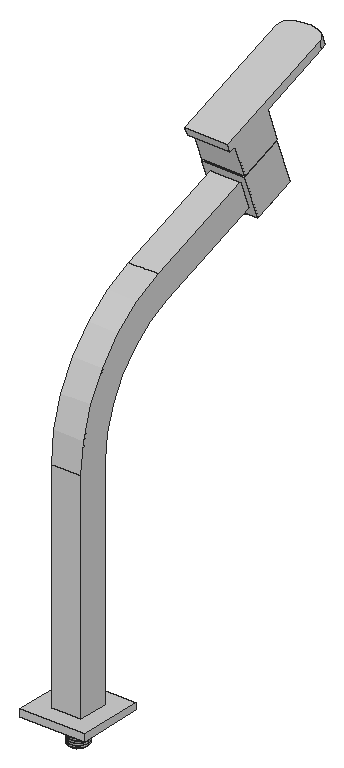
Revit family "SG0086983061CW", category Aparatos sanitarios, Revit 2019
Family settings
  Cota de conector redondo = Diámetro de uso
  Tipo de pieza = Normal
  Número OmniClass = 23.45.00.00
  Título OmniClass = Sanitary, Laundry, and Cleaning Equipment
  Se basa en plano de trabajo = No
  Siempre vertical = Sí
  Corte con vacíos al cargar = No
  Compartido = No
  Punto de cálculo de habitación = No
Parameters (values of type "LIVORNO LLAVE ALTA PARA LAVAMANOS MANILLA TOP")
  Ø sanitario = 15 mm
  _EDESA_Revisado = "Calidad.Planos@edesa.com.ec"
  _EDESA_ Tolerancia dimensional = ""
  _EDESA_ Tipo de instalación = "Sobre mueble o mesón"
  _EDESA_ Tipo = "simple"
  _EDESA_ Sku/código = "SG0086983061CW"
  _EDESA_ Profundidad en cm = "242"
  _EDESA_ Productos necesarios para instalación = "Desagüe 1 1/4\", Sifón 1 1/4\", Llave Angular y Manguera Flexible"
  _EDESA_ Productos incluídos = ""
  _EDESA_ Presión del agua recomendada = "60 psi"
  _EDESA_ Peso en kg = 0.00 kg
  _EDESA_ Nombre = "LIVORNO LLAVE ALTA PARA LAVAMANOS MANILLA TOP"
  _EDESA_ Materiales = "Latón"
  _EDESA_ Marca = "BRIGGS"
  _EDESA_ Manual de Instalación = "https://www.briggs.com.ec/productos/instructivos/Briggs/Griferia/Llave_agua_fria_lavamanos_generico.pdf"
  _EDESA_ Garantía = "De por vida para el cuerpo principal y acabado en cromo (306)"
  _EDESA_ Ficha Técnica = "https://www.briggs.com.ec/productos/fichastecnicaspdf/Briggs/Griferia/Livorno_llave_alta_lavamanos_top.pdf"
  _EDESA_ Descripción = "Llave de lavamanos para agua fría. Instalación sobre mueble o mesón."
  _EDESA_ Cumple normativa ADA = "Cumple con norma NTE - INEN 3123 basada en la norma ASME 112.18.1 - 2012."
  _EDESA_ Contacto comercial = "(02) 395 2900"
  _EDESA_ Consumo/capacidad de agua en L = ""
  _EDESA_ Consumo de agua = "8.3 litros por minuto / 2.2 gpm a 60 psi"
  _EDESA_ Conexión hidráulica = "Entrada de agua: tubería ø 1/2\""
  _EDESA_ Color = "cromo"
  _EDESA_ Certificación = "Cumple con norma NTE - INEN 3123 basada en la norma ASME 112.18.1 - 2012. Nuestras mangueras cuentan certificación cUPC."
  _EDESA_ Categoría = "Productos > Grifería > Lavamanos"
  _EDESA_ BIM Manager = "Ing. Evelyn Gavilanez"
  _EDESA_ Autor BIM = "http://www1.veraquintana.net/_sitevq/"
  _EDESA_ Ancho en cm = 480 mm
  _EDESA_ Alto en cm = 365 mm
  Uniformat II Description = ""
  Omniclass Code = ""
  Cromo = Cromo
Reference planes
  plane 1 "Centro (Frontal/Posterior)": y = 0
  plane 2: z = 0
  plane 3 "Centro (Izquierda/Derecha)": x = 0
  plane 4 "x": y = 0
  plane 5 "y": x = 0
  plane 6: through (4267.2, 119.717, 333) normal (0, -0.342, 0.9397)
  plane 7: through (4267.2, 121.769, 327.362) normal (0, -0.342, 0.9397)
Forms (mm)
  Extrusion 1, solid, material "Cromo" <- "Cromo"
    sketch origin (0, 0, 0) x (1, 0, 0) y (0, 1, 0)
      loop
        line (-24, 24) -> (-24, -24) -> (24, -24) -> (24, 24) -> (-24, 24)
    from 0 to 5.021
  Sweep 2, solid, material "Cromo" <- "Cromo"
    path origin (0, 0, 0) x (0, 1, 0) y (0, 0, 1)
      loop
        line (-0.013, 5.021) -> (-0.013, 167.249)
        arc (-0.013, 167.249) -> (17.891, 224.033) -> (65.127, 260.279) r 99
        line (65.127, 260.279) -> (141.402, 288.041)
    profile origin (0, -0.013, 86.135) x (0, -1, 0) y (1, 0, 0)
      loop
        line (-11.013, -11) -> (11, -11) -> (11, 11) -> (-11.013, 11) -> (-11.013, -11)
  Extrusion 3, solid, material "Cromo" <- "Cromo"
    sketch origin (0, 141.402, 288.041) x (1, 0, 0) y (0, 0.34202, -0.939693)
      loop
        line (-16, 17.013) -> (-16, -16.987) -> (16, -16.987) -> (16, 17.013) -> (-16, 17.013)
    from 0 to 32
  Revolve 4, solid, material "Cromo" <- "Cromo"
    sketch origin (0, -1.25, 0) x (0, -1, 0) y (0, 0, 1)
      loop
        line (-162.647, 277.526) -> (-173.924, 281.63) -> (-175.976, 275.992) -> (-174.467, 275.443) -> (-174.193, 276.195) -> (-164.426, 272.64) -> (-162.647, 277.526)
      axis (-162.647, 277.526) -> (-164.699, 271.888)
    angle from 0 to 360
  Extrusion 5, solid, material "Cromo" <- "Cromo"
    sketch origin (0, 129.773, 319.99) x (1, 0, 0) y (0, 0.34202, -0.939693)
      loop
        line (-15.025, 17.013) -> (-15.025, 15.335) -> (14.024, 15.335) -> (14.024, 17.013) -> (-15.025, 17.013)
    from 0.853 to 31.099
  Extrusion 6, solid, material "Cromo" <- "Cromo"
    sketch origin (0, 129.199, 321.566) x (1, 0, 0) y (0, 0.34202, -0.939693)
      loop
        line (-16, 17.013) -> (-16, -11.987) -> (16, -11.987) -> (16, 17.013) -> (-16, 17.013)
    from 0 to 32
  Extrusion 7, void
    sketch origin (0.073, 160.386, 329.442) x (1, 0, 0) y (0, 0.34202, -0.939693)
      loop
        circle (0.042, 0.968) r 1
    from -1.653 to 11.595
  Extrusion 8, solid, material "Cromo" <- "Cromo"
    sketch origin (-11, 125.099, 332.831) x (-1, 0, 0) y (0, -0.939693, -0.34202)
      loop
        line (5, -86.178) -> (5, 5) -> (-27, 5) -> (-27, -86.174)
        arc (-27, -86.174) -> (-25.974, -89.736) -> (-23.212, -92.208) r 6.7
        arc (-23.212, -92.208) -> (-10.997, -95) -> (1.216, -92.205) r 28.1
        arc (1.216, -92.205) -> (3.976, -89.736) -> (5, -86.178) r 6.694
    from -4 to 2
  Extrusion 9, solid, material "Cromo" <- "Cromo"
    sketch origin (0, 0, 0) x (1, 0, 0) y (0, 1, 0)
      loop
        circle (0, 0) r 8
    from -5 to 0
  Extrusion 10, void
    sketch origin (0, 0, 0) x (1, 0, 0) y (0, 1, 0)
      loop
        line (-3.753, 6.5) -> (-7.506, 0) -> (-3.753, -6.5) -> (3.753, -6.5) -> (7.506, 0) -> (3.753, 6.5) -> (-3.753, 6.5)
      loop
        line (-5.233, 9.064) -> (-10.466, 0) -> (-5.233, -9.064) -> (5.233, -9.064) -> (10.466, 0) -> (5.233, 9.064) -> (-5.233, 9.064)
    from -5 to 0
  Revolve 11, solid, material "Cromo" <- "Cromo"
    sketch origin (0, 0, 0) x (1, 0, 0) y (0, 0, 1)
      loop
        line (0, -5) -> (-7.041, -5)
        arc (-7.041, -5) -> (-7.441, -5.4) -> (-7.041, -5.8) r 0.4
        line (-7.041, -5.8) -> (-7.041, -6.6)
        arc (-7.041, -6.6) -> (-7.441, -7) -> (-7.041, -7.4) r 0.4
        line (-7.041, -7.4) -> (-7.041, -8.2)
        arc (-7.041, -8.2) -> (-7.441, -8.6) -> (-7.041, -9) r 0.4
        line (-7.041, -9) -> (-7.041, -9.8)
        arc (-7.041, -9.8) -> (-7.441, -10.2) -> (-7.041, -10.6) r 0.4
        line (-7.041, -10.6) -> (-7.041, -11.4)
        arc (-7.041, -11.4) -> (-7.441, -11.8) -> (-7.041, -12.2) r 0.4
        line (-7.041, -12.2) -> (-7.041, -13)
        arc (-7.041, -13) -> (-7.441, -13.4) -> (-7.041, -13.8) r 0.4
        line (-7.041, -13.8) -> (-7.041, -14.6)
        arc (-7.041, -14.6) -> (-7.441, -15) -> (-7.041, -15.4) r 0.4
        line (-7.041, -15.4) -> (-7.041, -16.2)
        arc (-7.041, -16.2) -> (-7.441, -16.6) -> (-7.041, -17) r 0.4
        line (-7.041, -17) -> (-7.041, -17.8)
        arc (-7.041, -17.8) -> (-7.441, -18.2) -> (-7.041, -18.6) r 0.4
        line (-7.041, -18.6) -> (-7.041, -19.4) -> (0, -19.4) -> (0, -5)
      axis (0, -5) -> (0, -19.4)
    angle from 0 to 360
  Extrusion 12, solid, material "Cromo" <- "Cromo"
    sketch origin (1.305, 156.018, 270.034) x (0, 0.939693, 0.34202) y (1, 0, 0)
      loop
        circle (8.45, -1.41) r 0.8
    from 0 to 0.2
  Extrusion 13, solid, material "Cromo" <- "Cromo"
    sketch origin (1.305, 154.207, 269.375) x (0, 0.939693, 0.34202) y (1, 0, 0)
      loop
        circle (8.45, -1.41) r 0.8
    from 0 to 0.2
  Extrusion 14, solid, material "Cromo" <- "Cromo"
    sketch origin (3.521, 156.018, 270.034) x (0, 0.939693, 0.34202) y (1, 0, 0)
      loop
        circle (8.45, -1.41) r 0.8
    from 0 to 0.2
  Extrusion 15, solid, material "Cromo" <- "Cromo"
    sketch origin (3.521, 154.207, 269.375) x (0, 0.939693, 0.34202) y (1, 0, 0)
      loop
        circle (8.45, -1.41) r 0.8
    from 0 to 0.2
  Extrusion 16, solid, material "Cromo" <- "Cromo"
    sketch origin (5.711, 156.018, 270.034) x (0, 0.939693, 0.34202) y (1, 0, 0)
      loop
        circle (8.45, -1.41) r 0.8
    from 0 to 0.2
  Extrusion 17, solid, material "Cromo" <- "Cromo"
    sketch origin (5.711, 154.207, 269.375) x (0, 0.939693, 0.34202) y (1, 0, 0)
      loop
        circle (8.45, -1.41) r 0.8
    from 0 to 0.2
  Extrusion 18, solid, material "Cromo" <- "Cromo"
    sketch origin (7.774, 156.018, 270.034) x (0, 0.939693, 0.34202) y (1, 0, 0)
      loop
        circle (8.45, -1.41) r 0.8
    from 0 to 0.2
  Extrusion 19, solid, material "Cromo" <- "Cromo"
    sketch origin (7.774, 154.207, 269.375) x (0, 0.939693, 0.34202) y (1, 0, 0)
      loop
        circle (8.45, -1.41) r 0.8
    from 0 to 0.2
  Extrusion 20, solid, material "Cromo" <- "Cromo"
    sketch origin (9.879, 156.018, 270.034) x (0, 0.939693, 0.34202) y (1, 0, 0)
      loop
        circle (8.45, -1.41) r 0.8
    from 0 to 0.2
  Extrusion 21, solid, material "Cromo" <- "Cromo"
    sketch origin (9.879, 154.207, 269.375) x (0, 0.939693, 0.34202) y (1, 0, 0)
      loop
        circle (8.45, -1.41) r 0.8
    from 0 to 0.2
  Extrusion 22, solid, material "Cromo" <- "Cromo"
    sketch origin (-0.858, 156.018, 270.034) x (0, 0.939693, 0.34202) y (1, 0, 0)
      loop
        circle (8.45, -1.41) r 0.8
    from 0 to 0.2
  Extrusion 23, solid, material "Cromo" <- "Cromo"
    sketch origin (-0.858, 154.207, 269.375) x (0, 0.939693, 0.34202) y (1, 0, 0)
      loop
        circle (8.45, -1.41) r 0.8
    from 0 to 0.2
  Extrusion 24, solid, material "Cromo" <- "Cromo"
    sketch origin (-3.047, 156.018, 270.034) x (0, 0.939693, 0.34202) y (1, 0, 0)
      loop
        circle (8.45, -1.41) r 0.8
    from 0 to 0.2
  Extrusion 25, solid, material "Cromo" <- "Cromo"
    sketch origin (-3.047, 154.207, 269.375) x (0, 0.939693, 0.34202) y (1, 0, 0)
      loop
        circle (8.45, -1.41) r 0.8
    from 0 to 0.2
  Extrusion 26, solid, material "Cromo" <- "Cromo"
    sketch origin (-5.195, 156.018, 270.034) x (0, 0.939693, 0.34202) y (1, 0, 0)
      loop
        circle (8.45, -1.41) r 0.8
    from 0 to 0.2
  Extrusion 27, solid, material "Cromo" <- "Cromo"
    sketch origin (-5.195, 154.207, 269.375) x (0, 0.939693, 0.34202) y (1, 0, 0)
      loop
        circle (8.45, -1.41) r 0.8
    from 0 to 0.2
  Extrusion 28, solid, material "Cromo" <- "Cromo"
    sketch origin (-7.384, 156.018, 270.034) x (0, 0.939693, 0.34202) y (1, 0, 0)
      loop
        circle (8.45, -1.41) r 0.8
    from 0 to 0.2
  Extrusion 29, solid, material "Cromo" <- "Cromo"
    sketch origin (-7.384, 154.207, 269.375) x (0, 0.939693, 0.34202) y (1, 0, 0)
      loop
        circle (8.45, -1.41) r 0.8
    from 0 to 0.2
  Extrusion 30, solid, material "Cromo" <- "Cromo"
    sketch origin (1.305, 159.673, 271.365) x (0, 0.939693, 0.34202) y (1, 0, 0)
      loop
        circle (8.45, -1.41) r 0.8
    from 0 to 0.2
  Extrusion 31, solid, material "Cromo" <- "Cromo"
    sketch origin (1.305, 157.862, 270.706) x (0, 0.939693, 0.34202) y (1, 0, 0)
      loop
        circle (8.45, -1.41) r 0.8
    from 0 to 0.2
  Extrusion 32, solid, material "Cromo" <- "Cromo"
    sketch origin (3.521, 159.673, 271.365) x (0, 0.939693, 0.34202) y (1, 0, 0)
      loop
        circle (8.45, -1.41) r 0.8
    from 0 to 0.2
  Extrusion 33, solid, material "Cromo" <- "Cromo"
    sketch origin (3.521, 157.862, 270.706) x (0, 0.939693, 0.34202) y (1, 0, 0)
      loop
        circle (8.45, -1.41) r 0.8
    from 0 to 0.2
  Extrusion 34, solid, material "Cromo" <- "Cromo"
    sketch origin (5.711, 159.673, 271.365) x (0, 0.939693, 0.34202) y (1, 0, 0)
      loop
        circle (8.45, -1.41) r 0.8
    from 0 to 0.2
  Extrusion 35, solid, material "Cromo" <- "Cromo"
    sketch origin (5.711, 157.862, 270.706) x (0, 0.939693, 0.34202) y (1, 0, 0)
      loop
        circle (8.45, -1.41) r 0.8
    from 0 to 0.2
  Extrusion 36, solid, material "Cromo" <- "Cromo"
    sketch origin (7.774, 159.673, 271.365) x (0, 0.939693, 0.34202) y (1, 0, 0)
      loop
        circle (8.45, -1.41) r 0.8
    from 0 to 0.2
  Extrusion 37, solid, material "Cromo" <- "Cromo"
    sketch origin (7.774, 157.862, 270.706) x (0, 0.939693, 0.34202) y (1, 0, 0)
      loop
        circle (8.45, -1.41) r 0.8
    from 0 to 0.2
  Extrusion 38, solid, material "Cromo" <- "Cromo"
    sketch origin (9.567, 159.673, 271.365) x (0, 0.939693, 0.34202) y (1, 0, 0)
      loop
        circle (8.45, -1.41) r 0.8
    from 0 to 0.2
  Extrusion 39, solid, material "Cromo" <- "Cromo"
    sketch origin (9.879, 157.862, 270.706) x (0, 0.939693, 0.34202) y (1, 0, 0)
      loop
        circle (8.45, -1.41) r 0.8
    from 0 to 0.2
  Extrusion 40, solid, material "Cromo" <- "Cromo"
    sketch origin (-0.858, 159.673, 271.365) x (0, 0.939693, 0.34202) y (1, 0, 0)
      loop
        circle (8.45, -1.41) r 0.8
    from 0 to 0.2
  Extrusion 41, solid, material "Cromo" <- "Cromo"
    sketch origin (-0.858, 157.862, 270.706) x (0, 0.939693, 0.34202) y (1, 0, 0)
      loop
        circle (8.45, -1.41) r 0.8
    from 0 to 0.2
  Extrusion 42, solid, material "Cromo" <- "Cromo"
    sketch origin (-3.047, 159.673, 271.365) x (0, 0.939693, 0.34202) y (1, 0, 0)
      loop
        circle (8.45, -1.41) r 0.8
    from 0 to 0.2
  Extrusion 43, solid, material "Cromo" <- "Cromo"
    sketch origin (-3.047, 157.862, 270.706) x (0, 0.939693, 0.34202) y (1, 0, 0)
      loop
        circle (8.45, -1.41) r 0.8
    from 0 to 0.2
  Extrusion 44, solid, material "Cromo" <- "Cromo"
    sketch origin (-5.195, 159.673, 271.365) x (0, 0.939693, 0.34202) y (1, 0, 0)
      loop
        circle (8.45, -1.41) r 0.8
    from 0 to 0.2
  Extrusion 45, solid, material "Cromo" <- "Cromo"
    sketch origin (-5.195, 157.862, 270.706) x (0, 0.939693, 0.34202) y (1, 0, 0)
      loop
        circle (8.45, -1.41) r 0.8
    from 0 to 0.2
  Extrusion 46, solid, material "Cromo" <- "Cromo"
    sketch origin (-7.072, 159.673, 271.365) x (0, 0.939693, 0.34202) y (1, 0, 0)
      loop
        circle (8.45, -1.41) r 0.8
    from 0 to 0.2
  Extrusion 47, solid, material "Cromo" <- "Cromo"
    sketch origin (-7.384, 157.862, 270.706) x (0, 0.939693, 0.34202) y (1, 0, 0)
      loop
        circle (8.45, -1.41) r 0.8
    from 0 to 0.2
  Extrusion 48, solid, material "Cromo" <- "Cromo"
    sketch origin (1.305, 163.294, 272.683) x (0, 0.939693, 0.34202) y (1, 0, 0)
      loop
        circle (8.45, -1.41) r 0.8
    from 0 to 0.2
  Extrusion 49, solid, material "Cromo" <- "Cromo"
    sketch origin (1.305, 161.483, 272.024) x (0, 0.939693, 0.34202) y (1, 0, 0)
      loop
        circle (8.45, -1.41) r 0.8
    from 0 to 0.2
  Extrusion 50, solid, material "Cromo" <- "Cromo"
    sketch origin (3.521, 163.294, 272.683) x (0, 0.939693, 0.34202) y (1, 0, 0)
      loop
        circle (8.45, -1.41) r 0.8
    from 0 to 0.2
  Extrusion 51, solid, material "Cromo" <- "Cromo"
    sketch origin (3.521, 161.483, 272.024) x (0, 0.939693, 0.34202) y (1, 0, 0)
      loop
        circle (8.45, -1.41) r 0.8
    from 0 to 0.2
  Extrusion 52, solid, material "Cromo" <- "Cromo"
    sketch origin (5.711, 161.483, 272.024) x (0, 0.939693, 0.34202) y (1, 0, 0)
      loop
        circle (8.45, -1.41) r 0.8
    from 0 to 0.2
  Extrusion 53, solid, material "Cromo" <- "Cromo"
    sketch origin (-0.858, 163.294, 272.683) x (0, 0.939693, 0.34202) y (1, 0, 0)
      loop
        circle (8.45, -1.41) r 0.8
    from 0 to 0.2
  Extrusion 54, solid, material "Cromo" <- "Cromo"
    sketch origin (-0.858, 161.483, 272.024) x (0, 0.939693, 0.34202) y (1, 0, 0)
      loop
        circle (8.45, -1.41) r 0.8
    from 0 to 0.2
  Extrusion 55, solid, material "Cromo" <- "Cromo"
    sketch origin (-3.047, 161.483, 272.024) x (0, 0.939693, 0.34202) y (1, 0, 0)
      loop
        circle (8.45, -1.41) r 0.8
    from 0 to 0.2
  Extrusion 56, solid, material "Cromo" <- "Cromo"
    sketch origin (-5.195, 161.483, 272.024) x (0, 0.939693, 0.34202) y (1, 0, 0)
      loop
        circle (8.45, -1.41) r 0.8
    from 0 to 0.2
  Extrusion 57, solid, material "Cromo" <- "Cromo"
    sketch origin (7.774, 161.483, 272.024) x (0, 0.939693, 0.34202) y (1, 0, 0)
      loop
        circle (8.45, -1.41) r 0.8
    from 0 to 0.2
  Extrusion 58, solid, material "Cromo" <- "Cromo"
    sketch origin (-2.524, 163.294, 272.683) x (0, 0.939693, 0.34202) y (1, 0, 0)
      loop
        circle (8.45, -1.41) r 0.8
    from 0 to 0.2
  Extrusion 59, solid, material "Cromo" <- "Cromo"
    sketch origin (5.332, 163.294, 272.683) x (0, 0.939693, 0.34202) y (1, 0, 0)
      loop
        circle (8.45, -1.41) r 0.8
    from 0 to 0.2
  Extrusion 60, solid, material "Cromo" <- "Cromo"
    sketch origin (1.305, 152.463, 268.741) x (0, 0.939693, 0.34202) y (1, 0, 0)
      loop
        circle (8.45, -1.41) r 0.8
    from 0 to 0.2
  Extrusion 61, solid, material "Cromo" <- "Cromo"
    sketch origin (3.521, 152.463, 268.741) x (0, 0.939693, 0.34202) y (1, 0, 0)
      loop
        circle (8.45, -1.41) r 0.8
    from 0 to 0.2
  Extrusion 62, solid, material "Cromo" <- "Cromo"
    sketch origin (5.711, 152.463, 268.741) x (0, 0.939693, 0.34202) y (1, 0, 0)
      loop
        circle (8.45, -1.41) r 0.8
    from 0 to 0.2
  Extrusion 63, solid, material "Cromo" <- "Cromo"
    sketch origin (7.774, 152.463, 268.741) x (0, 0.939693, 0.34202) y (1, 0, 0)
      loop
        circle (8.45, -1.41) r 0.8
    from 0 to 0.2
  Extrusion 64, solid, material "Cromo" <- "Cromo"
    sketch origin (9.879, 152.463, 268.741) x (0, 0.939693, 0.34202) y (1, 0, 0)
      loop
        circle (8.45, -1.41) r 0.8
    from 0 to 0.2
  Extrusion 65, solid, material "Cromo" <- "Cromo"
    sketch origin (-0.858, 152.463, 268.741) x (0, 0.939693, 0.34202) y (1, 0, 0)
      loop
        circle (8.45, -1.41) r 0.8
    from 0 to 0.2
  Extrusion 66, solid, material "Cromo" <- "Cromo"
    sketch origin (-3.047, 152.463, 268.741) x (0, 0.939693, 0.34202) y (1, 0, 0)
      loop
        circle (8.45, -1.41) r 0.8
    from 0 to 0.2
  Extrusion 67, solid, material "Cromo" <- "Cromo"
    sketch origin (-5.195, 152.463, 268.741) x (0, 0.939693, 0.34202) y (1, 0, 0)
      loop
        circle (8.45, -1.41) r 0.8
    from 0 to 0.2
  Extrusion 68, solid, material "Cromo" <- "Cromo"
    sketch origin (-7.384, 152.463, 268.741) x (0, 0.939693, 0.34202) y (1, 0, 0)
      loop
        circle (8.45, -1.41) r 0.8
    from 0 to 0.2
  Extrusion 69, solid, material "Cromo" <- "Cromo"
    sketch origin (1.305, 150.688, 268.094) x (0, 0.939693, 0.34202) y (1, 0, 0)
      loop
        circle (8.45, -1.41) r 0.8
    from 0 to 0.2
  Extrusion 70, solid, material "Cromo" <- "Cromo"
    sketch origin (3.521, 150.688, 268.094) x (0, 0.939693, 0.34202) y (1, 0, 0)
      loop
        circle (8.45, -1.41) r 0.8
    from 0 to 0.2
  Extrusion 71, solid, material "Cromo" <- "Cromo"
    sketch origin (5.711, 150.688, 268.094) x (0, 0.939693, 0.34202) y (1, 0, 0)
      loop
        circle (8.45, -1.41) r 0.8
    from 0 to 0.2
  Extrusion 72, solid, material "Cromo" <- "Cromo"
    sketch origin (7.774, 150.688, 268.094) x (0, 0.939693, 0.34202) y (1, 0, 0)
      loop
        circle (8.45, -1.41) r 0.8
    from 0 to 0.2
  Extrusion 73, solid, material "Cromo" <- "Cromo"
    sketch origin (-0.858, 150.688, 268.094) x (0, 0.939693, 0.34202) y (1, 0, 0)
      loop
        circle (8.45, -1.41) r 0.8
    from 0 to 0.2
  Extrusion 74, solid, material "Cromo" <- "Cromo"
    sketch origin (-3.047, 150.688, 268.094) x (0, 0.939693, 0.34202) y (1, 0, 0)
      loop
        circle (8.45, -1.41) r 0.8
    from 0 to 0.2
  Extrusion 75, solid, material "Cromo" <- "Cromo"
    sketch origin (-5.195, 150.688, 268.094) x (0, 0.939693, 0.34202) y (1, 0, 0)
      loop
        circle (8.45, -1.41) r 0.8
    from 0 to 0.2
  Extrusion 76, solid, material "Cromo" <- "Cromo"
    sketch origin (1.305, 148.809, 267.411) x (0, 0.939693, 0.34202) y (1, 0, 0)
      loop
        circle (8.45, -1.41) r 0.8
    from 0 to 0.2
  Extrusion 77, solid, material "Cromo" <- "Cromo"
    sketch origin (3.521, 148.809, 267.411) x (0, 0.939693, 0.34202) y (1, 0, 0)
      loop
        circle (8.45, -1.41) r 0.8
    from 0 to 0.2
  Extrusion 78, solid, material "Cromo" <- "Cromo"
    sketch origin (5.711, 148.809, 267.411) x (0, 0.939693, 0.34202) y (1, 0, 0)
      loop
        circle (8.45, -1.41) r 0.8
    from 0 to 0.2
  Extrusion 79, solid, material "Cromo" <- "Cromo"
    sketch origin (-0.858, 148.809, 267.411) x (0, 0.939693, 0.34202) y (1, 0, 0)
      loop
        circle (8.45, -1.41) r 0.8
    from 0 to 0.2
  Extrusion 80, solid, material "Cromo" <- "Cromo"
    sketch origin (-3.047, 148.809, 267.411) x (0, 0.939693, 0.34202) y (1, 0, 0)
      loop
        circle (8.45, -1.41) r 0.8
    from 0 to 0.2
  Extrusion 81, solid, material "Cromo" <- "Cromo"
    sketch origin (1.305, 146.771, 266.669) x (0, 0.939693, 0.34202) y (1, 0, 0)
      loop
        circle (8.45, -1.41) r 0.8
    from 0 to 0.2
  Extrusion 82, solid, material "Cromo" <- "Cromo"
    sketch origin (3.521, 146.771, 266.669) x (0, 0.939693, 0.34202) y (1, 0, 0)
      loop
        circle (8.45, -1.41) r 0.8
    from 0 to 0.2
  Extrusion 83, solid, material "Cromo" <- "Cromo"
    sketch origin (-0.858, 146.771, 266.669) x (0, 0.939693, 0.34202) y (1, 0, 0)
      loop
        circle (8.45, -1.41) r 0.8
    from 0 to 0.2
Cuts and joins
  Extrusion 7 cuts Extrusion 6
  joined: Extrusion 6, Extrusion 8
  Extrusion 10 cuts Extrusion 9
Dimensions and locks
  aligned and locked: level to plane 2
  aligned and locked: Extrusion 8 to plane 7
  aligned and locked: Extrusion 8 to plane 6
Connectors
  piping at (0, 0, -19.4), diameter 15, driven by "Ø sanitario"
    settings: on Revolve 11, index 1, connector inside diameter 609.6 mm, connector length 0 mm, flow factor 0, pipe flow 0.0 L/s, pressure drop 0.0 Pa, fitting loss kfactor 0, connector angle 0.00°, fixture units 0, engagement length 0 mm, angle of deflection 0.00°, flow configuration 0, flow direction 1, fitting loss method 0, system type 19, joint type 0, gender type 0, connector reference index -1, connector utility 0, adjustable connector no, is connector primary yes, connector description ""
